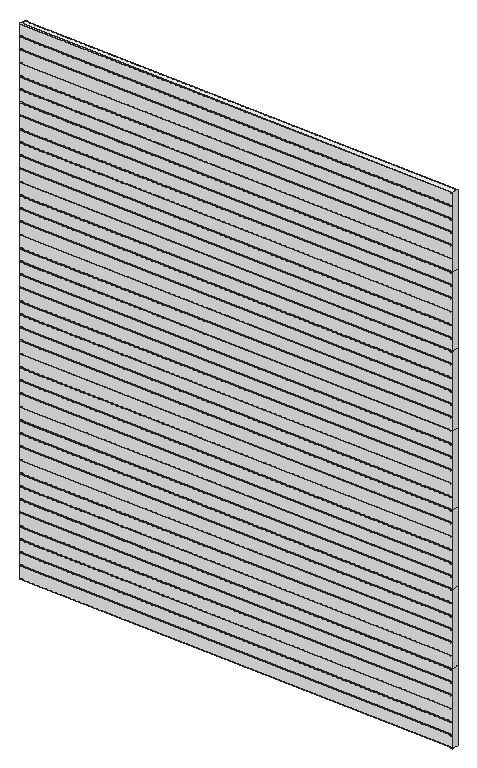
Revit family "3717-1Basic", category Doors, host Wall, Revit 2023
Family settings
  Host = Wall
  OmniClass Number = 23.30.10.17.37.14
  OmniClass Title = Sectional Overhead Doors
  Always vertical = Yes
  Cut with Voids When Loaded = No
  Shared = No
  Room Calculation Point = No
Parameters (values of type "By Type")
  Windload = "Doors available rated for various design pressures; consult Clopay for avaialbility and specifications"
  VisSection6 = NumSections = 6  # no
  VisSection5 = NumSections > 4  # yes
  VisSection4 = NumSections > 3  # yes
  VisSection3 = NumSections > 2  # yes
  VisArray = NumSections > 6  # yes
  URL = "www.clopaydoor.com"
  Track = "Galvanized steel (gauge varies according to door size)"
  Thickness = 0' - 2"  # constant formula
  Spec Wizard = "http://www.arcat.com/specwizard/08360clo/index.htm"
  Section Height = Height / NumSections  # 2' - 0"
  Sales Information = "http://www.clopaydoor.com/where-to-buy.aspx?type=dealer"
  Rough Width = 0' - 0"  # constant formula
  Rough Height = 0' - 0"  # constant formula
  R-Value = "15.05"
  Product Features and Benefits = "http://www.clopaydoor.com/insulated-polyurethane-applications.aspx"
  Overlapping Jamb = yes
  Overlap = if(Overlapping Jamb, 0' 1", 0' 0")  # 0' - 1"
  Opening Width = 12' - 0"
  Opening Height = 14' - 0"
  Omniclass Table = "23-30 10 17 37 "
  NumSectionsNotRounded = Height / 2' 0"  # 7
  NumSections = NumSectionsNotRounded + 0.4999  # 7
  NumArraySections = if(NumSections > 6, NumSections - 5, 2)  # 2
  Model = "3717"
  Maximum Size = "Maximum 32' 2'' wide by 26' 0'' high. Additional limitations may apply do to door weight. Consult Clopay for specificiations and shop drawings."  # constant formula
  Manufacturer Website = "http://www.clopaydoor.com"
  Manufacturer Phone Number = "1-800-526-4301"
  Manufacturer Address = "1400 W. Market St., Troy, OH 45373"
  Manufacturer = "Clopay Building Products Company"
  LEED = "http://products.construction.com/swts_content_files/151607/303186.pdf"
  Keynote = "08 36 13"
  Interior Steel = "28 ga. galvanized, primed, and finish painted"
  Hardware = "14 ga. min. steel hinges; 10-ball steel rollers"
  GreenFormat = "http://www.greenformat.com/products/1536-Polyurethane%20Insulated%20Doors.rtf"
  Function = Interior
  Height = Opening Height + Rough Width * 0  # 14' - 0"
  Wall Closure = By host
  Width = Opening Width + Rough Width * 0  # 12' - 0"
  FloorToSection7 = 6 * Section Height  # 12' - 0"
  FloorToSection6 = 5 * Section Height  # 10' - 0"
  FloorToSection5 = 4 * Section Height  # 8' - 0"
  FloorToSection4 = 3 * Section Height  # 6' - 0"
  FloorToSection3 = 2 * Section Height  # 4' - 0"
  FloorToSection2 = Section Height  # 2' - 0"
  File Revision = "02 (August, 2012)"
  Exterior Steel = "27 ga. galvanized, primed, and finish painted"
  Double End Stiles = Door Width > 14' 2"  # no
  Door Width = Opening Width + Overlap * 2  # 12' - 2"
  Door Height = Opening Height + Rough Width * 0  # 14' - 0"
  Description = "1-3/4'' thick polyurethane insulated, stucco embossed 27 gauge steel exterior with light ribbed pattern."
  Core Material = "Expanded polyurethane"
  Copyright = "2010, Clopay Building Products Company, Inc."
  Color = White
  CAD and Specifications = "http://www.clopaydoor.com/insulated-polyurethane-specs.aspx"
  Assembly Code = "B2030410"
Reference planes (in)
  plane 1 "Center (Front/Back)": y = 0
  plane 2 "Center (Left/Right)": x = 0
  plane 3 "Left": x = -72
  plane 4 "Right": x = 72
  plane 5 "Top": z = 168
  plane 6 "Exterior": y = 3
  plane 7 "Interior": y = -3
  plane 8: z = 120
  plane 9: z = 144
Lines and regions (in)
  Opening 1
    outline origin (-90, -3, 0) x (1, 0, 0) y (0, 0, 1)
      loop
        line (18, 0) -> (162, 0) -> (162, 168) -> (18, 168) -> (18, 0)
Text (in)
  text "Exterior" at (-74.96733, 27.31104, 0), in view "Ref. Level"
  text "Interior" at (-74.96733, -25.14366, 0), in view "Ref. Level"
  text "Exterior" at (0, 40.15149, 123.01588), in view "Right"
  text "Interior" at (0, -64.39139, 123.01588), in view "Right"
  text "Interior" at (0, -31.01599, 123.00693), in view "Left"
  text "Exterior" at (0, 54.57065, 123.00693), in view "Left"
Dimensions and locks (in)
  equal spacing: plane 3 "Left", plane 2 "Center (Left/Right)", plane 4 "Right"
  "Height": level to plane 5 "Top"
  "Width": plane 3 "Left" to plane 4 "Right"
  host wall to plane 5 "Top" = 14' - 0"
  nested 1 to plane 7 "Interior" = 0' - 0 1/2"
  "FloorToSection6": plane 8 to level
  "FloorToSection7": plane 9 to level
  group 1 to group 2 = 0' - 0"  (x2)
  group 1 to group 2 = 2' - 0"
  host wall to host wall = 67' - 6"
  aligned and locked: plane 3 "Left" to Opening 1 sketch curve
  aligned and locked: plane 5 "Top" to Opening 1 sketch curve  (x2)
  aligned and locked: Opening 1 sketch curve to plane 4 "Right"
  aligned and locked: Opening 1 sketch curve to level
  aligned and locked: plane 6 "Exterior" to host wall
  aligned and locked: host wall to plane 7 "Interior"
  aligned and locked: plane 2 "Center (Left/Right)" to nested 2
  aligned and locked: plane 2 "Center (Left/Right)" to nested 3
  aligned and locked: plane 2 "Center (Left/Right)" to nested 4
  aligned and locked: plane 2 "Center (Left/Right)" to nested 5
  aligned and locked: plane 2 "Center (Left/Right)" to nested 7
  aligned and locked: nested 7 to plane 8
  aligned and locked: nested 8 to plane 9
  aligned and locked: plane 7 "Interior" to nested 2
  aligned and locked: plane 7 "Interior" to nested 7
  aligned and locked: host wall to nested 8
  aligned and locked: plane 7 "Interior" to nested 3
  aligned and locked: host wall to nested 3
  aligned and locked: plane 7 "Interior" to nested 1
  aligned and locked: nested 2 to host wall
  aligned and locked: plane 7 "Interior" to nested 6
  aligned and locked: plane 7 "Interior" to nested 5
  aligned and locked: host wall to nested 7
  aligned and locked: plane 7 "Interior" to nested 4
Nested families (in)
  nested 1: "Section" at (0, 0, 0), type "Solid"
  nested 2: "Section" at (0, 0, 24), built-in parameter 1001364 <- "Section Height", type "Solid"
  nested 3: "Section" at (0, 0, 48), built-in parameter 1001364 <- "FloorToSection3", visible <- "VisSection3", type "Solid"
  nested 4: "Section" at (0, 0, 120), built-in parameter 1001364 <- "FloorToSection6", visible <- "VisSection6", type "Solid"
  nested 5: "Section" at (0, 0, 96), built-in parameter 1001364 <- "FloorToSection5", visible <- "VisSection5", type "Solid"
  nested 6: "Section" at (0, 0, 72), built-in parameter 1001364 <- "FloorToSection4", visible <- "VisSection4", type "Solid"
  nested 7: "Section" at (0, 0, 120), visible <- "VisArray", type "Solid"
  nested 8: "Section" at (0, 0, 144), visible <- "VisArray", type "Solid"
Definition of nested family "Section"
  Parameters
    X9 = if(if(NumArrayedWindows < NumWindows, NumArrayedWindows + 1, NumWindows) < 9, X1, X8 + 3' 8")  # 1' - 5 1/2"
    X8 = if(if(NumArrayedWindows < NumWindows, NumArrayedWindows + 1, NumWindows) < 8, X1, X7 + 3' 8")  # 1' - 5 1/2"
    X7 = if(if(NumArrayedWindows < NumWindows, NumArrayedWindows + 1, NumWindows) < 7, X1, X6 + 3' 8")  # 1' - 5 1/2"
    X6 = if(if(NumArrayedWindows < NumWindows, NumArrayedWindows + 1, NumWindows) < 6, X1, X5 + 3' 8")  # 1' - 5 1/2"
    X5 = if(if(NumArrayedWindows < NumWindows, NumArrayedWindows + 1, NumWindows) < 5, X1, X4 + 3' 8")  # 1' - 5 1/2"
    X4 = if(if(NumArrayedWindows < NumWindows, NumArrayedWindows + 1, NumWindows) < 4, X1, X3 + 3' 8")  # 1' - 5 1/2"
    X3 = if(NumWindows < 3, X1, X2 + 3' 8")  # 8' - 9 1/2"
    X2 = if(NumWindows < 2, ((Door Width - (NumWindows - 1) * 3' 8") / 2 - Cutout Width / 2), ((Door Width - (NumWindows - 1) * 3' 8") / 2 - Cutout Width / 2) + 3' 8")  # 5' - 1 1/2"
    WindowVis = no
    WindowCutDepth = -0' - 0 13/128"
    Section Height = 2' - 0"
    RibSpacing = Section Height / (NumRibs + 1)  # 0' - 4"
    NumWindows = if(Door Width < 9' 4", 2, if(Door Width < 13' 4", 3, if(Door Width < 16' 4", 4, if(Door Width < 20' 4", 5, if(Door Width < 24' 4", 6, if(Door Width < 26' 4", 7, if(Door Width < 31' 8", 8, 10)))))))  # 3
    NumRibs = if(Section Height < 1' 9", 3, if(Section Height < 2' 0", 4, 5))  # 5
    NumArrayedWindows = if(X2 = X1, NumWindows - 2, NumWindows)  # 3
    Half Section Height = Section Height / 2  # 1' - 0"
    Half Door Width Neg = -Half Door Width  # -6' - 1"
    Half Door Width = Door Width / 2  # 6' - 1"
    Half Cutout Height = Cutout Height / 2  # 0' - 3 1/2"
    Function = (empty or 0)
    Height = 0' - 0"
    Wall Closure = (empty or 0)
    Width = 0' - 0"
    X1 = if(or(Door Width > 31' 6", and(Door Width > 26' 2", Door Width < 28' 1"), Door Width = 24' 3", Door Width = 24' 4", and(Door Width > 20' 2", Door Width < 20' 11"), and(Door Width > 16' 2", Door Width < 17' 3")), X2, (Door Width - (NumWindows - 1) * 3' 8") / 2 - Cutout Width / 2)  # 1' - 5 1/2"
    Door Width = 12' - 2"
    CutoutToCutout = 1' - 0"
    Cutout Width = 1' - 11"
    Cutout Height = 0' - 7"
    Color = none
    BtmTo1stRib = RibSpacing  # 0' - 4"
    Assembly Code = ""
  Reference planes (in)
    plane 1 "Center (Front/Back)": y = 0
    plane 2 "Center (Left/Right)": x = 0
    plane 3 "Exterior": y = 3
    plane 4 "Interior": y = -3
    plane 5: y = -3.5
    plane 6: x = 73
    plane 7: x = -73
    plane 8: z = 4
    plane 9: z = 8
    plane 10: z = 24
    plane 11: z = 12
    plane 12: z = 0
  Forms (in)
    Extrusion 1, solid, material <- "Color"
      sketch origin (-73, -12, 83.08252) x (0, 0, 1) y (0, -1, 0)
        loop
          line (-59.08252, -8.37573) -> (-59.08252, -6.62444)
          arc (-59.08252, -6.62444) -> (-59.11897, -6.53645) -> (-59.20696, -6.5) r 0.12444
          line (-59.20696, -6.5) -> (-82.95809, -6.5)
          arc (-82.95809, -6.5) -> (-83.04608, -6.53645) -> (-83.08252, -6.62444) r 0.12444
          line (-83.08252, -6.62444) -> (-83.08252, -8.37573)
          arc (-83.08252, -8.37573) -> (-83.04612, -8.4636) -> (-82.95825, -8.5) r 0.12427
          line (-82.95825, -8.5) -> (-59.20679, -8.5)
          arc (-59.20679, -8.5) -> (-59.11892, -8.4636) -> (-59.08252, -8.37573) r 0.12427
      from 0 to 146 <- "Door Width"
    Extrusion 2, void
      sketch origin (0, 0, -0.5) x (0, -1, 0) y (0, 0, 1)
        loop
          line (3.5, 4.62727) -> (3.5, 4.37273) -> (3.53032, 4.41942)
          arc (3.53032, 4.41942) -> (3.53753, 4.43506) -> (3.54, 4.4521) r 0.06
          line (3.54, 4.4521) -> (3.54, 4.5479)
          arc (3.54, 4.5479) -> (3.53753, 4.56494) -> (3.53032, 4.58058) r 0.06
          line (3.53032, 4.58058) -> (3.5, 4.62727)
      from -73 <- "Half Door Width Neg" to 146 <- "Door Width"
    Extrusion 3, void
      sketch origin (0, 0, 3.5) x (0, -1, 0) y (0, 0, 1)
        loop
          line (3.5, 4.62727) -> (3.5, 4.37273) -> (3.53032, 4.41942)
          arc (3.53032, 4.41942) -> (3.53753, 4.43506) -> (3.54, 4.4521) r 0.06
          line (3.54, 4.4521) -> (3.54, 4.5479)
          arc (3.54, 4.5479) -> (3.53753, 4.56494) -> (3.53032, 4.58058) r 0.06
          line (3.53032, 4.58058) -> (3.5, 4.62727)
      from -73 <- "Half Door Width Neg" to 146 <- "Door Width"
    Extrusion 4, void
      sketch origin (0, 0, 7.5) x (0, -1, 0) y (0, 0, 1)
        loop
          line (3.5, 4.62727) -> (3.5, 4.37273) -> (3.53032, 4.41942)
          arc (3.53032, 4.41942) -> (3.53753, 4.43506) -> (3.54, 4.4521) r 0.06
          line (3.54, 4.4521) -> (3.54, 4.5479)
          arc (3.54, 4.5479) -> (3.53753, 4.56494) -> (3.53032, 4.58058) r 0.06
          line (3.53032, 4.58058) -> (3.5, 4.62727)
      from -73 <- "Half Door Width Neg" to 146 <- "Door Width"
    Extrusion 5, void
      sketch origin (0, -8.99984, -0.5) x (0, 1, 0) y (0, 0, -1)
        loop
          line (3.5, -4.62727) -> (3.53032, -4.58058)
          arc (3.53032, -4.58058) -> (3.53753, -4.56494) -> (3.54, -4.5479) r 0.06
          line (3.54, -4.5479) -> (3.54, -4.4521)
          arc (3.54, -4.4521) -> (3.53753, -4.43506) -> (3.53032, -4.41942) r 0.06
          line (3.53032, -4.41942) -> (3.5, -4.37273) -> (3.5, -4.62727)
      from -73 <- "Half Door Width Neg" to 146 <- "Door Width"
    Extrusion 6, void
      sketch origin (0, -8.99984, 3.5) x (0, 1, 0) y (0, 0, -1)
        loop
          line (3.5, -4.62727) -> (3.53032, -4.58058)
          arc (3.53032, -4.58058) -> (3.53753, -4.56494) -> (3.54, -4.5479) r 0.06
          line (3.54, -4.5479) -> (3.54, -4.4521)
          arc (3.54, -4.4521) -> (3.53753, -4.43506) -> (3.53032, -4.41942) r 0.06
          line (3.53032, -4.41942) -> (3.5, -4.37273) -> (3.5, -4.62727)
      from -73 <- "Half Door Width Neg" to 146 <- "Door Width"
    Extrusion 7, void
      sketch origin (0, -8.99984, 7.5) x (0, 1, 0) y (0, 0, -1)
        loop
          line (3.5, -4.62727) -> (3.53032, -4.58058)
          arc (3.53032, -4.58058) -> (3.53753, -4.56494) -> (3.54, -4.5479) r 0.06
          line (3.54, -4.5479) -> (3.54, -4.4521)
          arc (3.54, -4.4521) -> (3.53753, -4.43506) -> (3.53032, -4.41942) r 0.06
          line (3.53032, -4.41942) -> (3.5, -4.37273) -> (3.5, -4.62727)
      from -73 <- "Half Door Width Neg" to 146 <- "Door Width"
    Extrusion 8, void
      sketch origin (0, 0, 11.5) x (0, -1, 0) y (0, 0, 1)
        loop
          line (3.5, 4.62727) -> (3.5, 4.37273) -> (3.53032, 4.41942)
          arc (3.53032, 4.41942) -> (3.53753, 4.43506) -> (3.54, 4.4521) r 0.06
          line (3.54, 4.4521) -> (3.54, 4.5479)
          arc (3.54, 4.5479) -> (3.53753, 4.56494) -> (3.53032, 4.58058) r 0.06
          line (3.53032, 4.58058) -> (3.5, 4.62727)
      from -73 <- "Half Door Width Neg" to 146 <- "Door Width"
    Extrusion 9, void
      sketch origin (0, -8.99984, 11.5) x (0, 1, 0) y (0, 0, -1)
        loop
          line (3.5, -4.62727) -> (3.53032, -4.58058)
          arc (3.53032, -4.58058) -> (3.53753, -4.56494) -> (3.54, -4.5479) r 0.06
          line (3.54, -4.5479) -> (3.54, -4.4521)
          arc (3.54, -4.4521) -> (3.53753, -4.43506) -> (3.53032, -4.41942) r 0.06
          line (3.53032, -4.41942) -> (3.5, -4.37273) -> (3.5, -4.62727)
      from -73 <- "Half Door Width Neg" to 146 <- "Door Width"
    Extrusion 10, void
      sketch origin (0, 0, 15.5) x (0, -1, 0) y (0, 0, 1)
        loop
          line (3.5, 4.62727) -> (3.5, 4.37273) -> (3.53032, 4.41942)
          arc (3.53032, 4.41942) -> (3.53753, 4.43506) -> (3.54, 4.4521) r 0.06
          line (3.54, 4.4521) -> (3.54, 4.5479)
          arc (3.54, 4.5479) -> (3.53753, 4.56494) -> (3.53032, 4.58058) r 0.06
          line (3.53032, 4.58058) -> (3.5, 4.62727)
      from -73 <- "Half Door Width Neg" to 146 <- "Door Width"
    Extrusion 11, void
      sketch origin (0, -8.99984, 15.5) x (0, 1, 0) y (0, 0, -1)
        loop
          line (3.5, -4.62727) -> (3.53032, -4.58058)
          arc (3.53032, -4.58058) -> (3.53753, -4.56494) -> (3.54, -4.5479) r 0.06
          line (3.54, -4.5479) -> (3.54, -4.4521)
          arc (3.54, -4.4521) -> (3.53753, -4.43506) -> (3.53032, -4.41942) r 0.06
          line (3.53032, -4.41942) -> (3.5, -4.37273) -> (3.5, -4.62727)
      from -73 <- "Half Door Width Neg" to 146 <- "Door Width"
  Cuts and joins
    Extrusion 2, Extrusion 3, Extrusion 4, Extrusion 5, Extrusion 6, Extrusion 7, Extrusion 8, Extrusion 9, Extrusion 10, Extrusion 11 cuts Extrusion 1
  Lines and regions (in)
    reference lines
      curve 1: line (-72, -3.54, 4) -> (-72, -3.5, 4)
      curve 2: line (-72, -5.45984, 4) -> (-72, -5.49984, 4)
      curve 3: line (-72, -3.54, 8) -> (-72, -3.5, 8)
      curve 4: line (-72, -3.54, 12) -> (-72, -3.5, 12)
      curve 5: line (-72, -5.45984, 4) -> (-72, -5.49984, 4)
      curve 6: line (-72, -5.45984, 8) -> (-72, -5.49984, 8)
      curve 7: line (-72, -5.45984, 12) -> (-72, -5.49984, 12)
      curve 8: line (-72, -3.54, 16) -> (-72, -3.5, 16)
      curve 9: line (-72, -5.45984, 16) -> (-72, -5.49984, 16)
      curve 10: line (-72, -3.54, 20) -> (-72, -3.5, 20)
      curve 11: line (-72, -5.45984, 20) -> (-72, -5.49984, 20)
  Text (in)
    text "Exterior" at (-74.96733, 27.31104, 0), in view "Ref. Level"
    text "Interior" at (-74.96733, -25.14366, 0), in view "Ref. Level"
    text "Exterior" at (0, 40.15149, 123.01588), in view "Right"
    text "Interior" at (0, -64.39139, 123.01588), in view "Right"
    text "Interior" at (0, -31.01599, 123.00693), in view "Left"
    text "Exterior" at (0, 54.57065, 123.00693), in view "Left"
  Dimensions and locks (in)
    plane 4 "Interior" to plane 5 = 0' - 0 1/2"
    "Half Door Width": plane 2 "Center (Left/Right)" to plane 7
    "Half Door Width": plane 6 to plane 2 "Center (Left/Right)"
    Extrusion 1 sketch curve to Extrusion 1 sketch curve = 0' - 2"
    Extrusion 2 sketch curve to Extrusion 2 sketch curve = 0' - 0.25454"
    Extrusion 2 sketch curve to Extrusion 2 sketch curve = 0' - 0.04"  (x2)
    "BtmTo1stRib": plane 8 to level
    curve 1 to Extrusion 2 sketch curve = 0' - 0.12727"
    "RibSpacing": plane 9 to plane 8
    "Section Height": plane 10 to level
    Extrusion 3 sketch curve to Extrusion 3 sketch curve = 0' - 0.25454"
    Extrusion 3 sketch curve to Extrusion 3 sketch curve = 0' - 0.04"  (x2)
    curve 3 to Extrusion 3 sketch curve = 0' - 0.12727"
    equal spacing: group 1, group 2, group 3, group 4, group 5  (x3)
    Extrusion 4 sketch curve to Extrusion 4 sketch curve = 0' - 0.25454"
    Extrusion 4 sketch curve to Extrusion 4 sketch curve = 0' - 0.04"  (x2)
    curve 4 to Extrusion 4 sketch curve = 0' - 0.12727"
    Extrusion 5 sketch curve to Extrusion 5 sketch curve = 0' - 0.25454"
    Extrusion 5 sketch curve to Extrusion 5 sketch curve = 0' - 0.04"  (x2)
    Extrusion 5 sketch curve to curve 5 = 0' - 0.12727"
    Extrusion 6 sketch curve to Extrusion 6 sketch curve = 0' - 0.25454"
    Extrusion 6 sketch curve to Extrusion 6 sketch curve = 0' - 0.04"  (x2)
    Extrusion 6 sketch curve to curve 6 = 0' - 0.12727"
    Extrusion 7 sketch curve to Extrusion 7 sketch curve = 0' - 0.25454"
    Extrusion 7 sketch curve to Extrusion 7 sketch curve = 0' - 0.04"  (x2)
    Extrusion 7 sketch curve to curve 7 = 0' - 0.12727"
    "Half Section Height": level to plane 11
    Extrusion 8 sketch curve to Extrusion 8 sketch curve = 0' - 0.25454"
    Extrusion 8 sketch curve to Extrusion 8 sketch curve = 0' - 0.04"  (x2)
    curve 8 to Extrusion 8 sketch curve = 0' - 0.12727"
    Extrusion 9 sketch curve to Extrusion 9 sketch curve = 0' - 0.25454"
    Extrusion 9 sketch curve to Extrusion 9 sketch curve = 0' - 0.04"  (x2)
    Extrusion 9 sketch curve to curve 9 = 0' - 0.12727"
    Extrusion 10 sketch curve to Extrusion 10 sketch curve = 0' - 0.25454"
    Extrusion 10 sketch curve to Extrusion 10 sketch curve = 0' - 0.04"  (x2)
    curve 10 to Extrusion 10 sketch curve = 0' - 0.12727"
    Extrusion 11 sketch curve to Extrusion 11 sketch curve = 0' - 0.25454"
    Extrusion 11 sketch curve to Extrusion 11 sketch curve = 0' - 0.04"  (x2)
    Extrusion 11 sketch curve to curve 11 = 0' - 0.12727"
    locked: plane 4 "Interior" to cut or joined group 1 (Extrusion 1, Extrusion 2, Extrusion 3, Extrusion 4, Extrusion 5, Extrusion 6, Extrusion 7, Extrusion 8, Extrusion 9, Extrusion 10, Extrusion 11) at 0.5
    radius of Extrusion 1 sketch curve = 0' - 0.12427"  (x2)
    radius of Extrusion 1 sketch curve = 0' - 0.12444"  (x2)
    angle Extrusion 2 sketch curve to Extrusion 2 sketch curve = 147.00°  (x2)
    angle Extrusion 3 sketch curve to Extrusion 3 sketch curve = 147.00°  (x2)
    angle Extrusion 4 sketch curve to Extrusion 4 sketch curve = 147.00°  (x2)
    angle Extrusion 5 sketch curve to Extrusion 5 sketch curve = 147.00°  (x2)
    angle Extrusion 6 sketch curve to Extrusion 6 sketch curve = 147.00°  (x2)
    angle Extrusion 7 sketch curve to Extrusion 7 sketch curve = 147.00°  (x2)
    angle Extrusion 8 sketch curve to Extrusion 8 sketch curve = 147.00°  (x2)
    angle Extrusion 9 sketch curve to Extrusion 9 sketch curve = 147.00°  (x2)
    angle Extrusion 10 sketch curve to Extrusion 10 sketch curve = 147.00°  (x2)
    angle Extrusion 11 sketch curve to Extrusion 11 sketch curve = 147.00°  (x2)
    aligned and locked: Extrusion 1 sketch curve to plane 5
    aligned and locked: plane 8 to curve 1
    aligned and locked: plane 9 to curve 3
    aligned: cut or joined group 1 to cut or joined group 1  (x9)
    aligned and locked: plane 12 to level
  Automatic sketch dimensions
    curve 2 to curve 1 = 0' - 1.91984"
    curve 1 to curve 1 = 0' - 0.04"  (x2)
    curve 1 to curve 2 = 0' - 1.91984"
    curve 2 to curve 2 = 0' - 0.04"  (x2)
    Extrusion 2 sketch curve to Extrusion 2 sketch curve = 0' - 0"
    Extrusion 2 sketch curve to Extrusion 2 sketch curve = 0' - 0.02"
    Extrusion 2 sketch curve to Extrusion 2 sketch curve = 0' - 0.00968"  (x2)
    curve 5 to curve 1 = 0' - 0"
    curve 1 to curve 5 = 0' - 1.91984"
    curve 5 to curve 5 = 0' - 0.04"
    Extrusion 5 sketch curve to Extrusion 5 sketch curve = 0' - 0"
    Extrusion 5 sketch curve to Extrusion 5 sketch curve = 0' - 0.02"
    Extrusion 5 sketch curve to Extrusion 5 sketch curve = 0' - 0.00968"  (x2)
    Extrusion 3 sketch curve to Extrusion 3 sketch curve = 0' - 0"
    Extrusion 3 sketch curve to Extrusion 3 sketch curve = 0' - 0.02"
    Extrusion 3 sketch curve to Extrusion 3 sketch curve = 0' - 0.00968"  (x2)
    curve 6 to curve 3 = 0' - 0"
    curve 3 to curve 3 = 0' - 0.04"
    curve 3 to curve 6 = 0' - 1.91984"
    curve 6 to curve 6 = 0' - 0.04"
    Extrusion 4 sketch curve to Extrusion 4 sketch curve = 0' - 0"
    Extrusion 4 sketch curve to Extrusion 4 sketch curve = 0' - 0.02"
    Extrusion 4 sketch curve to Extrusion 4 sketch curve = 0' - 0.00968"  (x2)
    curve 7 to curve 4 = 0' - 0"
    curve 4 to curve 4 = 0' - 0.04"
    curve 4 to curve 7 = 0' - 1.91984"
    curve 7 to curve 7 = 0' - 0.04"
    Extrusion 7 sketch curve to Extrusion 7 sketch curve = 0' - 0.00968"
    Extrusion 6 sketch curve to Extrusion 6 sketch curve = 0' - 0.00968"
    curve 2 to plane 8 = 0' - 0"
    curve 2 to plane 5 = 0' - 1.95984"
    Extrusion 1 sketch curve to plane 10 = 0' - 0"
    Extrusion 1 sketch curve to level = 0' - 0"
    Extrusion 8 sketch curve to Extrusion 8 sketch curve = 0' - 0"
    Extrusion 8 sketch curve to Extrusion 8 sketch curve = 0' - 0.02"
    Extrusion 8 sketch curve to Extrusion 8 sketch curve = 0' - 0.00968"  (x2)
    curve 9 to curve 8 = 0' - 0"
    curve 8 to curve 8 = 0' - 0.04"
    curve 8 to curve 9 = 0' - 1.91984"
    curve 9 to curve 9 = 0' - 0.04"
    Extrusion 9 sketch curve to Extrusion 9 sketch curve = 0' - 0"
    Extrusion 9 sketch curve to Extrusion 9 sketch curve = 0' - 0.02"
    Extrusion 9 sketch curve to Extrusion 9 sketch curve = 0' - 0.00968"  (x2)
    Extrusion 10 sketch curve to Extrusion 10 sketch curve = 0' - 0"
    Extrusion 10 sketch curve to Extrusion 10 sketch curve = 0' - 0.02"
    Extrusion 10 sketch curve to Extrusion 10 sketch curve = 0' - 0.00968"  (x2)
    curve 11 to curve 10 = 0' - 0"
    curve 10 to curve 10 = 0' - 0.04"
    curve 10 to curve 11 = 0' - 1.91984"
    curve 11 to curve 11 = 0' - 0.04"
    Extrusion 11 sketch curve to Extrusion 11 sketch curve = 0' - 0"
    Extrusion 11 sketch curve to Extrusion 11 sketch curve = 0' - 0.02"
    Extrusion 11 sketch curve to Extrusion 11 sketch curve = 0' - 0.00968"  (x2)
